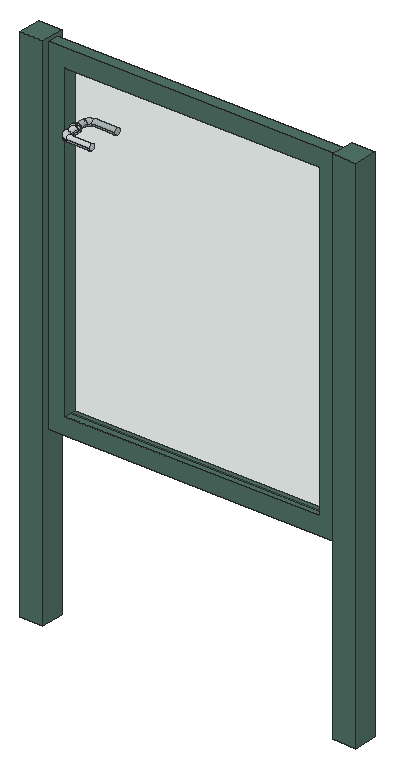
Revit family "Калитка_PROM_H1300-2500", category Специальное оборудование, Revit 2019
Family settings
  Размер круглого соединителя = Использовать диаметр
  Тип детали = Нормальный
  На основе рабочей плоскости = Нет
  Всегда вертикально = Да
  При загрузке вырезать с полостями = Нет
  Общий = Нет
  Точка расчета площади = Нет
Parameters (values of type "PROM PF_Бетонирование в кондукторе")
  Ширина рамки = 60 mm
  Ширина [instance] = 1000 mm
  Фланец под винтовую опору = no
  Фланец = no
  Тип креплния = if(Бетонирование в кондукторе, 1, if([Бетонирование столбы (SI)], 2, if(Фланец, 3, if(Фланец под винтовую опору, 4, 0))))  # 1
  Правое открывание [instance] = yes
  Материал_Столбы = FENSYS_Столб
  Материал_Сетка = FENSYS_Сетка_50x100
  Левое открывание [instance] = not(Правое открывание)  # no
  Изготовитель = "FENSYS"  # constant formula
  Высота Замка = 1050 mm
  Высота [instance] = 1300 mm
  Бетонирование столбы (SI) = no
  Бетонирование в кондукторе = yes
  Глубина столба = if(or(Бетонирование в кондукторе, [Бетонирование столбы (SI)]), 500 mm, 0 mm)  # 500 mm
  URL = "https://www.fensys.ru/produkciya/kalitki_1.html"
  PROM_Н = if(PROM PF, "PROM", "PROM2")  # "PROM"
  PROM PF = yes
  PROM 2 P2F = not(PROM PF)  # no
  ADSK_Размер_Ширина [instance] = Ширина  # 1000 mm
  ADSK_Размер_Высота [instance] = Высота  # 1300 mm
  ADSK_Обозначение = "PROM/SIC"
  ADSK_Наименование [instance] = size_lookup(PROM_Н, "", "Нет", ADSK_Размер_Ширина, ADSK_Размер_Высота, Тип креплния)  # "Калитка серии PROM FENCE: HxW 1300х1000 мм, бетонирование в кондукторе, замок CISA, рег. петли"
  ADSK_Масса [instance] = size_lookup(PROM_Н, "ADSK_Масса", 0, ADSK_Размер_Ширина, ADSK_Размер_Высота, Тип креплния, ADSK_Код изделия)  # 38.269
  ADSK_Комплект = "Калитка"  # constant formula
  ADSK_Код изделия [instance] = size_lookup(PROM_Н, "ADSK_Код изделия", " ", ADSK_Размер_Ширина, ADSK_Размер_Высота, Тип креплния)  # "37298"
  ADSK_Завод-изготовитель = Изготовитель  # "FENSYS"
  ADSK_Единица измерения = "шт."  # constant formula
Types (9, lengths in mm): name | Фланец под винтовую опору | Фланец | Тип креплния | Высота Замка | Бетонирование столбы (SI) | Бетонирование в кондукторе | Глубина столба | PROM_Н | PROM PF | PROM 2 P2F | ADSK_Обозначение | ADSK_Наименование | ADSK_Масса | ADSK_Код изделия
  (no name) | no | no | 1 | 1050 | no | yes | 500 | "PROM" | yes | no | "PROM/SIC" | "Калитка серии PROM FENCE: HxW 1300х1000 мм, бетонирование в кондукторе, замок CISA, рег. петли" | 38.269 | "37298"
  PROM PF_Фланец под винтовую опору | yes | no | 4 | 1040 | no | no | 0 | "PROM" | yes | no | "PROM/SITgs" | "Калитка серии PROM FENCE: HxW 1300х1000 мм, на фланце под ВО (166x225x8), замок CISA, рег. петли" | 32 | "38208"
  PROM PF_Фланец | no | yes | 3 | 1040 | no | no | 0 | "PROM" | yes | no | "PROM/SIT" | "Калитка серии PROM FENCE: HxW 1300х1000 мм, на фланце (160x160x6), замок CISA, рег. петли" | 30.659 | "37181"
  PROM2 P2F_Фланец | no | yes | 3 | 1040 | no | no | 0 | "PROM2" | no | yes | "PROM2 /SIT" | "Калитка серии PROM 2 FENCE: HxW 1300х1000 мм, на фланце (160x160x6), задвижка, рег. петли" | 30.659 | "59511"
  PROM2 P2F_Фланец под винтовую опору | yes | no | 4 | 1040 | no | no | 0 | "PROM2" | no | yes | "PROM2 /SITgs" | "Калитка серии PROM 2 FENCE: HxW 1300х1000 мм, на фланце под ВО (166x225x8), задвижка, рег. петли" | 32 | "38286"
  PROM2 P2F_Бетонирование в кондукторе | no | no | 1 | 1040 | no | yes | 500 | "PROM2" | no | yes | "PROM2 /SIC" | "Калитка серии PROM FENCE: HxW 1300х1000 мм, бетонирование в кондукторе, задвижка, рег. петли" | 33.659 | "59352"
  PROM PF_Бетонирование в кондукторе | no | no | 1 | 1050 | no | yes | 500 | "PROM" | yes | no | "PROM/SIC" | "Калитка серии PROM FENCE: HxW 1300х1000 мм, бетонирование в кондукторе, замок CISA, рег. петли" | 38.269 | "37298"
  PROM PF_Бетонирование столбы (SI) | no | no | 2 | 1040 | yes | no | 500 | "PROM" | yes | no | "PROM/SI" | "Калитка серии PROM FENCE: HxW 1300х1000 мм, под бетонирование, замок CISA, рег. петли" | 40.489 | "58887"
  PROM2 P2F_Бетонирование столбы (SI) | no | no | 2 | 1040 | yes | no | 500 | "PROM2" | no | yes | "PROM2 /SI" | "Калитка серии PROM 2 FENCE: HxW 1300х1000 мм, под бетонирование, задвижка, рег. петли" | 26.659 | "59409"
Reference planes
  plane 1 "По центру (Вперед/Назад)": y = 0
  plane 2: z = 0
  plane 3 "По центру (Влево/Вправо)": x = 0
  plane 4: x = 1160
  plane 5: y = 40
  plane 6: y = -40
  plane 7: x = 80
  plane 8: x = 1080
  plane 9: z = 1300
  plane 10: z = 100
  plane 11: z = -500
  plane 12: y = 20
  plane 13: y = -20
  plane 14: x = 140
  plane 15: y = 2
  plane 16: y = -2
  plane 17: z = 1240
  plane 18: z = 1050
  plane 19: z = 1310
  plane 20: x = 1000
  plane 21: x = 160
Forms (mm)
  Extrusion 1, solid, material "FENSYS_Столб" <- "Материал_Столбы"
    sketch origin (0, 0, 0) x (1, 0, 0) y (0, 1, 0)
      loop
        line (0, 40) -> (0, -40) -> (80, -40) -> (80, 40) -> (0, 40)
      loop
        line (1080, 40) -> (1080, -40) -> (1160, -40) -> (1160, 40) -> (1080, 40)
    from -500 to 1310
  Sweep 2, solid, material "FENSYS_Столб" <- "Материал_Столбы"
    path origin (0, 0, 0) x (1, 0, 0) y (0, 0, 1)
      loop
        line (80, 1300) -> (80, 100) -> (1080, 100) -> (1080, 1300) -> (80, 1300)
    profile origin (80, 0, 700) x (0, -1, 0) y (1, 0, 0)
      loop
        line (-20, 0) -> (20, 0) -> (20, 60) -> (-20, 60) -> (-20, 0)
  Extrusion 3, solid, material "FENSYS_Сетка_50x100" <- "Материал_Сетка"
    sketch origin (0, 0, 0) x (1, 0, 0) y (0, 1, 0)
      loop
        line (140, 2) -> (140, -2) -> (1020, -2) -> (1020, 2) -> (140, 2)
    from 160 to 1240
Lines and regions (mm)
  Masking region 1, detail levels coarse
    outline origin (0, 0, 0) x (1, 0, 0) y (0, 1, 0)
      loop
        line (80, 20) -> (80, -20) -> (1080, -20) -> (1080, 20) -> (80, 20)
Dimensions and locks
  equal spacing: plane 6, plane 1 "По центру (Вперед/Назад)", plane 5
  plane 3 "По центру (Влево/Вправо)" to plane 7 = 80 mm
  plane 8 to plane 4 = 80 mm
  "ADSK_Размер_Высота": plane 9 to plane 2
  "Глубина столба": plane 2 to plane 11
  plane 10 to plane 2 = 100 mm
  plane 5 to plane 1 "По центру (Вперед/Назад)" = 40 mm
  equal spacing: plane 13, plane 1 "По центру (Вперед/Назад)", plane 12
  plane 1 "По центру (Вперед/Назад)" to plane 12 = 20 mm
  equal spacing: plane 16, plane 1 "По центру (Вперед/Назад)", plane 15
  locked: plane 1 "По центру (Вперед/Назад)" to plane 15 at 2
  "Ширина рамки": plane 9 to plane 17
  "Ширина рамки": profile plane to plane 14
  "ADSK_Размер_Ширина": plane 7 to plane 8
  "Высота Замка": plane 18 to plane 2
  locked: plane 19 to plane 9 at 10
  locked: plane 20 to plane 4 at 160
  locked: plane 21 to plane 3 "По центру (Влево/Вправо)" at 160
  aligned and locked: level to plane 2
  aligned and locked: Extrusion 1 sketch curve to plane 5
  aligned and locked: plane 5 to Extrusion 1 sketch curve
  aligned and locked: plane 6 to Extrusion 1 sketch curve
  aligned and locked: Extrusion 1 sketch curve to plane 6
  aligned and locked: Extrusion 1 sketch curve to plane 4
  aligned and locked: plane 8 to Extrusion 1 sketch curve
  aligned and locked: Extrusion 1 sketch curve to plane 7
  aligned and locked: plane 3 "По центру (Влево/Вправо)" to Extrusion 1 sketch curve
  aligned and locked: Extrusion 1 to plane 11
  aligned and locked: Sweep 2 sketch curve to plane 12
  aligned and locked: plane 13 to Sweep 2 sketch curve
  aligned and locked: Sweep 2 sketch curve to profile plane
  aligned and locked: Extrusion 3 sketch curve to plane 15
  aligned and locked: Extrusion 3 sketch curve to plane 16
  aligned and locked: Sweep 2 to Extrusion 3 sketch curve  (x2)
  aligned and locked: Extrusion 3 to Sweep 2
  aligned and locked: plane 17 to Extrusion 3
  aligned and locked: plane 8 to nested 1
  aligned and locked: nested 1 to plane 1 "По центру (Вперед/Назад)"
  aligned and locked: plane 1 "По центру (Вперед/Назад)" to nested 2
  aligned and locked: plane 7 to nested 2
  aligned and locked: Masking region 1 sketch curve to plane 12
  aligned and locked: Masking region 1 sketch curve to plane 13
  aligned and locked: plane 7 to Masking region 1 sketch curve
  aligned and locked: Masking region 1 sketch curve to plane 8
  aligned and locked: plane 19 to Extrusion 1
  aligned and locked: nested 3 to plane 20
  aligned and locked: plane 18 to nested 3
  aligned and locked: plane 1 "По центру (Вперед/Назад)" to nested 3
  aligned and locked: plane 21 to nested 4
  aligned and locked: nested 6 to plane 21
  aligned and locked: plane 20 to nested 5
  aligned and locked: plane 1 "По центру (Вперед/Назад)" to nested 5
  aligned and locked: nested 6 to plane 1 "По центру (Вперед/Назад)"
  aligned and locked: plane 18 to nested 6
  aligned and locked: nested 5 to plane 18
  aligned and locked: nested 4 to plane 18
Automatic sketch dimensions
  Sweep 2 sketch curve to plane 7 = 0 mm
  Sweep 2 sketch curve to plane 8 = 0 mm
  Sweep 2 sketch curve to plane 10 = 0 mm
  Sweep 2 sketch curve to plane 9 = 0 mm
  Sweep 2 sketch curve to plane 14 = 0 mm
Nested families
  nested 1: "Открываение_Обозначение" at (1080, 0, 0) x (-1, 0, 0) z (0, 0, 1), Ширина <- "ADSK_Размер_Ширина", visible <- "Правое открывание", type "Открываение_Обозначение", detail levels coarse
    with Ширина 1000 mm
  nested 2: "Открываение_Обозначение" at (80, 0, 0), Ширина <- "ADSK_Размер_Ширина", visible <- "Левое открывание", type "Открываение_Обозначение", detail levels coarse
    with Ширина 1000 mm
  nested 3: "Дверь_Ручка" at (1000, 0, 1050), visible <- "Левое открывание", type "Дверь_Ручка", detail levels fine
  nested 4: "Дверь_Ручка" at (160, 0, 1050) x (-1, 0, 0) z (0, 0, 1), visible <- "Правое открывание", type "Дверь_Ручка", detail levels fine
  nested 5: "Дверь_Ручка" at (1000, 0, 1050), visible <- "Левое открывание", type "Дверь_Ручка", detail levels fine
  nested 6: "Дверь_Ручка" at (160, 0, 1050) x (-1, 0, 0) z (0, 0, 1), visible <- "Правое открывание", type "Дверь_Ручка", detail levels fine
Definition of nested family "Дверь_Ручка"
  Reference planes
    plane 1 "По центру (Вперед/Назад)": y = 0
    plane 2: z = 0
    plane 3 "По центру (Влево/Вправо)": x = 0
  Forms (mm)
    Sweep 1, solid
      path origin (0, 5, 0) x (1, 0, 0) y (0, 1, 0)
        loop
          line (0, 0) -> (0, 30)
          arc (0, 30) -> (-5.858, 44.142) -> (-20, 50) r 20
          line (-20, 50) -> (-100, 50)
      profile origin (0, 20, 0) x (-1, 0, 0) y (0, 0, 1)
        loop
          circle (0, 0) r 10
    Extrusion 2, solid
      sketch origin (0, 0, 0) x (1, 0, 0) y (0, 0, 1)
        loop
          circle (0, 0) r 15
      from -5 to 0
  Cuts and joins
    joined: Sweep 1, Extrusion 2
  Dimensions and locks
    aligned and locked: level to plane 2
    aligned and locked: Extrusion 2 to Sweep 1
    aligned and locked: plane 1 "По центру (Вперед/Назад)" to Extrusion 2
Definition of nested family "Открываение_Обозначение"
  Parameters (values of type "Открываение_Обозначение")
    Ширина [instance] = 900 mm
  Reference planes
    plane 1 "По центру (Вперед/Назад)": y = 0
    plane 2: z = 0
    plane 3 "По центру (Влево/Вправо)": x = 0
    plane 4: x = 900
  Lines and regions (mm)
    detail lines, in view "Опорный уровень"
      curve 1: line (0, 0, 0) -> (779.423, 450, 0)
  Dimensions and locks
    "Ширина": plane 3 "По центру (Влево/Вправо)" to plane 4
    "Ширина": curve 1 to curve 1
    locked: plane 1 "По центру (Вперед/Назад)" to curve 1 (angle 30.00°)
    aligned and locked: plane 3 "По центру (Влево/Вправо)" to curve 1
    aligned and locked: plane 1 "По центру (Вперед/Назад)" to curve 1
